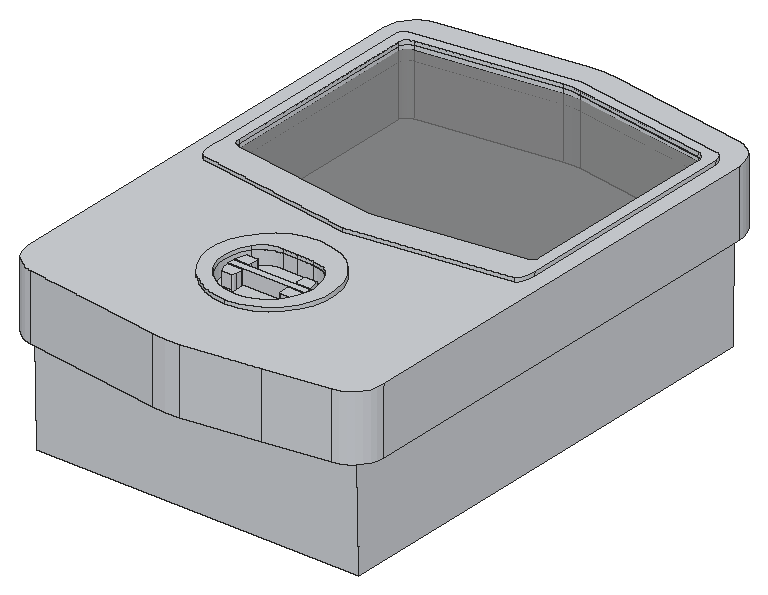
Revit family "Building-RicaricaVeicoliElettrici-GEWISS-JOINON-ICON_PREMIUM", category Apparecchi elettrici, host Superficie, Revit 2019
Family settings
  Host = Superficie
  Mantenere orientamento annotazione = Sì
  Quota connettore circolare = Usa diametro
  Tipo di parte = Normale
  Taglio con vuoti quando caricato = No
  Condiviso = No
  Punto di calcolo locali = Sì
Parameters (values of type "GWJ3303A - JOINON I-CON AUTOSTART BACKLIGHT DLM+BLE 11KW (NO INCASSO) T2")
  visibilita posizionamento 2d [instance] = yes
  simbolo acceso [instance] = yes
  oggetto in pianta [instance] = not(visibilita posizionamento 2d)  # no
  distanza_simbolo [instance] = 1 mm
  distanza dal piano [instance] = 10 mm
  W = 115 mm  # constant formula
  Voltaggio = 0 V
  Versione file RFA = "19.4"
  VETRO = Vetro
  URL = "https://www.gewiss.com/it/it"
  Trattamento esterno = "No"
  Tipologia Presa: = "Tipo 2 antivandalo con shutter"
  Tipo di protezione differenziale = "Attualmente non presente"
  Tipo di installazione e montaggio = "A parete o su supporto a pavimento"
  Tensione nominale di isolamento (Ui) = "400 Volt"
  Tensione nominale = "400 Volt"
  Temperatura di utilizzo = "-25 +50 °C"
  Spostamento_effettivo_S [instance] = 4000 mm - Spostamento_S  # 2500 mm
  Spostamento_S = 1500 mm
  Simbolo circuito [instance] = not(simbolo acceso)  # no
  Segnalazione BACKLIGHT = "Si"
  STRUTTURA ALTA = blue
  STRUTTURA = RAL - 7035
  Riarmo protezioni da remoto = "Attualmente non presente"
  Resistenza agli urti = "IK10"
  RFID = ""
  Protezioni = "DC Leak 6mA"
  Protezione magnetotermica = "Attualmente non presente"
  Default Elevation = 1219.2 mm
  Produttore = "GEWISS S.p.A."
  Potenza max = "11 Chilowatt"
  Potenza di ricarica = "11 kW"
  Potenza complessiva: = "11 Chilowatt"
  Personalizzabile: = "No"
  PRESA = Giallo
  POMELLO = bianco
  OUTPUT : = "-"
  Numero di prese (tipo) = "1 (Tipo 2, con shutter)"
  N.poli = 1
  N. Prese Tipo 2 = "1"
  Morsettiera: = "5 x 10 mm²"
  Modello = "GWJ3303A"
  Materiale = "Termoplastico (origine Post Industrial)"
  L = 155 mm  # constant formula
  Immagine tipo = ICON_PREMIUM.jpg
  INPUT: = "-"
  IDF = "161c395e-8a4c-4b7e-bdc5-224633db7e56"
  Human Interface = "LED RGB + Display con slide touch"
  Grado di protezione = "IP55"
  FORMULA = 1000 mm * 1  # 1000 mm
  Descrizione = "JOINON I-CON AUTOSTART BACKLIGHT DLM+BLE 11KW (NO INCASSO) T2"
  DC Leakage check = "Si"
  Creato da GEWISS S.p.A. = ""
  Corrente nominale: = "16 Ampere"
  Corrente erogata (max): = "16 Ampere"
  Contatore energia = ""
  Contatore di energia = "Attualmente non presente"
  ConnettivitÃ : = "BLE"
  Colore = "Grigio scuro"
  Codice Electrocod = "2242"
  Caratteristiche meccaniche = "-"
  COBie.Tagnumber = ""
  COBie.CreatedOn = ""
  COBie.CreatebBy = ""
  COBie.ComponentRegisterItemID = ""
  COBie.Component.TagNumber = ""
  COBie.Component.Space = ""
  COBie.Component.SerialNumber = ""
  COBie.Component.InstallationDate = ""
  COBie.Component.Description = ""
  COBie.Component.BarCode = ""
  BLOCCO = "B=C"
  Attivazione ricarica = "Accesso Libero, con gestione dinamica dei carichi"
Types (12, lengths in mm): name | Tensione nominale di isolamento (Ui) | Tensione nominale | Segnalazione BACKLIGHT | RFID | Potenza max | Potenza di ricarica | Potenza complessiva: | Numero di prese (tipo) | Morsettiera: | Modello | Descrizione | Corrente nominale: | Corrente erogata (max): | Contatore energia | Contatore di energia | ConnettivitÃ : | Attivazione ricarica
  GWJ3301A - JOINON I-CON AUTOSTART BACKLIGHT DLM+BLE 4,6KW (NO INCASSO) T2 | "230 Volt" | "230 Volt" | "Si" | "" | "4,6 Chilowatt" | "4,6 kW" | "4,6 Chilowatt" | "1 (Tipo 2, con shutter)" | "3 x 10 mm²" | "GWJ3301A" | "JOINON I-CON AUTOSTART BACKLIGHT DLM+BLE 4,6KW (NO INCASSO) T2" | "20 Ampere" | "20 Ampere" | "" | "Attualmente non presente" | "BLE" | "Accesso Libero, con gestione dinamica dei carichi"
  GWJ3302A - JOINON I-CON AUTOSTART BACKLIGHT DLM+BLE 7,4KW (NO INCASSO) T2 | "230 Volt" | "230 Volt" | "Si" | "" | "7,4 Chilowatt" | "7,4 kW" | "7,4 Chilowatt" | "1 (Tipo 2, con shutter)" | "3 x 10 mm²" | "GWJ3302A" | "JOINON I-CON AUTOSTART BACKLIGHT DLM+BLE 7,4KW (NO INCASSO) T2" | "32 Ampere" | "32 Ampere" | "" | "Attualmente non presente" | "BLE" | "Accesso Libero, con gestione dinamica dei carichi"
  GWJ3303A - JOINON I-CON AUTOSTART BACKLIGHT DLM+BLE 11KW (NO INCASSO) T2 | "400 Volt" | "400 Volt" | "Si" | "" | "11 Chilowatt" | "11 kW" | "11 Chilowatt" | "1 (Tipo 2, con shutter)" | "5 x 10 mm²" | "GWJ3303A" | "JOINON I-CON AUTOSTART BACKLIGHT DLM+BLE 11KW (NO INCASSO) T2" | "16 Ampere" | "16 Ampere" | "" | "Attualmente non presente" | "BLE" | "Accesso Libero, con gestione dinamica dei carichi"
  GWJ3201A - JOINON I-CON AUTOSTART DLM+BLE 4,6KW T2 | "230 Volt" | "230 Volt" | "" | "" | "4,6 Chilowatt" | "4,6 kW" | "4,6 Chilowatt" | "1 (Tipo 2, con shutter)" | "3 x 10 mm²" | "GWJ3201A" | "JOINON I-CON AUTOSTART DLM+BLE 4,6KW T2" | "20 Ampere" | "20 Ampere" | "" | "Attualmente non presente" | "BLE" | "Accesso Libero"
  GWJ3202A - JOINON I-CON AUTOSTART DLM+BLE 7,4KW T2 | "230 Volt" | "230 Volt" | "" | "" | "7,4 Chilowatt" | "7,4 kW" | "7,4 Chilowatt" | "1 (Tipo 2, con shutter)" | "3 x 10 mm²" | "GWJ3202A" | "JOINON I-CON AUTOSTART DLM+BLE 7,4KW T2" | "32 Ampere" | "32 Ampere" | "" | "Attualmente non presente" | "BLE" | "Accesso Libero"
  GWJ3203A - JOINON I-CON AUTOSTART DLM+BLE 11KW T2 | "400 Volt" | "400 Volt" | "" | "" | "11 Chilowatt" | "11 kW" | "11 Chilowatt" | "1 (Tipo 2, con shutter)" | "5 x 10 mm²" | "GWJ3203A" | "JOINON I-CON AUTOSTART DLM+BLE 11KW T2" | "16 Ampere" | "16 Ampere" | "" | "Attualmente non presente" | "BLE" | "Accesso Libero"
  GWJ3202R - JOINON I-CON RFID BLE 7,4KW MID T2 | "230 Volt" | "230 Volt" | "" | "Si" | "7,4 Chilowatt" | "7,4 kW" | "7,4 Chilowatt" | "1 (Tipo 2, anti-vandalo con shutter)" | "3 x 10 mm²" | "GWJ3202R" | "JOINON I-CON RFID BLE 7,4KW MID T2" | "32 Ampere" | "32 Ampere" | "SI (Tipo MID)" | "SI (Tipo MID)" | "No" | "Gestito localmente, via RFID"
  GWJ3204R - JOINON I-CON RFID BLE 22KW MID T2 | "400 Volt" | "400 Volt" | "" | "Si" | "22 Chilowatt" | "22 kW" | "22 Chilowatt" | "1 (Tipo 2, anti-vandalo con shutter)" | "5 x 10 mm²" | "GWJ3204R" | "JOINON I-CON RFID BLE 22KW MID T2" | "32 Ampere" | "32 Ampere" | "SI (Tipo MID)" | "SI (Tipo MID)" | "No" | "Gestito localmente, via RFID"
  GWJ3202L - JOINON I-CON CLOUD LAN BLE 7,4KW MID T2 | "230 Volt" | "230 Volt" | "" | "Si" | "7,4 Chilowatt" | "7,4 kW" | "7,4 Chilowatt" | "1 (Tipo 2, anti-vandalo con shutter)" | "3 x 10 mm²" | "GWJ3202L" | "JOINON I-CON CLOUD LAN BLE 7,4KW MID T2" | "32 Ampere" | "32 Ampere" | "SI (Tipo MID)" | "SI (Tipo MID)" | "LAN" | "Gestito da remoto, via OCPP 1.6J"
  GWJ3204L - JOINON I-CON CLOUD LAN BLE 22KW MID T2 | "400 Volt" | "400 Volt" | "" | "Si" | "22 Chilowatt" | "22 kW" | "22 Chilowatt" | "1 (Tipo 2, anti-vandalo con shutter)" | "5 x 10 mm²" | "GWJ3204L" | "JOINON I-CON CLOUD LAN BLE 22KW MID T2" | "32 Ampere" | "32 Ampere" | "SI (Tipo MID)" | "SI (Tipo MID)" | "LAN" | "Gestito da remoto, via OCPP 1.6J"
  GWJ3202W - JOINON I-CON CLOUD 4G LAN BLE 7,4KW MID T2 | "230 Volt" | "230 Volt" | "" | "Si" | "7,4 Chilowatt" | "7,4 kW" | "7,4 Chilowatt" | "1 (Tipo 2, anti-vandalo con shutter)" | "3 x 10 mm²" | "GWJ3202W" | "JOINON I-CON CLOUD 4G LAN BLE 7,4KW MID T2" | "32 Ampere" | "32 Ampere" | "SI (Tipo MID)" | "SI (Tipo MID)" | "LAN, 4G" | "Gestito da remoto, via OCPP 1.6J"
  GWJ3204W - JOINON I-CON CLOUD 4G LAN BLE 22KW MID T2 | "400 Volt" | "400 Volt" | "" | "Si" | "22 Chilowatt" | "22 kW" | "22 Chilowatt" | "1 (Tipo 2, anti-vandalo con shutter)" | "5 x 10 mm²" | "GWJ3204W" | "JOINON I-CON CLOUD 4G LAN BLE 22KW MID T2" | "32 Ampere" | "32 Ampere" | "SI (Tipo MID)" | "SI (Tipo MID)" | "LAN, 4G" | "Gestito da remoto, via OCPP 1.6J"
Reference planes
  plane 1 "Centro (Fronte/Retro)": y = 0
  plane 2: z = 0
  plane 3 "Centro (Sinistra/Destra)": x = 0
  plane 4: x = -3000
  plane 5: x = -500
  plane 6: z = 10
Dimensions and locks
  plane 4 to plane 3 "Centro (Sinistra/Destra)" = 3000 mm
  "Spostamento_effettivo_S": plane 4 to plane 5
  "distanza dal piano": plane 6 to plane 2
  aligned and locked: plane 2 to host face
  aligned and locked: level to host face
  aligned and locked: nested 2 to plane 5
Automatic sketch dimensions
  host sketch curve to host sketch curve = 2438.4 mm  (x2)
Nested families
  nested 1: "BASE_I-CON CON PRESA FISSA" at (0, 0, 0), type "BASE_I-CON CON PRESA FISSA"
  nested 2: "simb_ev_o3" at (-500, 214.941, 0), Distanza dal muro <- "distanza_simbolo", type "2P"
    with Distanza dal muro 1 mm
Connectors
  electrical at (0.281, 219.499, 0)
    settings: on nested 1, index 1, voltage 0 V, apparent load 0 VA, apparent load phase1 0 VA, apparent load phase2 0 VA, apparent load phase3 0 VA, power factor 1, load classification "Altro", number of poles 1, system type 31, power factor state 1, is connector primary yes, connector utility no, sub classification motor no, connector description ""
Definition of nested family "BASE_I-CON CON PRESA FISSA"
  Parameters (values of type "BASE_I-CON CON PRESA FISSA")
    POTENZA IN WOLT = 0 V
    N_POLI = 1
    CENTRALE = none
  Reference planes
    plane 1 "Centro (Fronte/Retro)": y = 0
    plane 2: z = 0
    plane 3 "Centro (Sinistra/Destra)": x = 0
    plane 4 "EEE": through (4267.2, -291.041, 143.375) normal (0, -0.788, -0.6157)
    plane 5: x = 48
    plane 6: x = -141.324
    plane 7: x = 141.324
    plane 8: x = -136.646
    plane 9: x = 136.646
    plane 10: x = -127.947
    plane 11: x = 128.509
    plane 12: z = 133.866
    plane 13: z = 125.731
    plane 14: z = 137
    plane 15: z = 140
    plane 16: y = 104.612
    plane 17: z = 84.731
  Forms (mm)
    Extrusion 1, solid, not visible
      sketch origin (0, 200.09, -256.103) x (0, 1, 0) y (0, 0, 1)
        loop
          line (-322.202, 218.222) -> (-266.481, 146.902) -> (-251.685, 146.876) -> (-251.685, 134.073) -> (-238.63, 134.073) -> (-238.63, 266.073) -> (-251.685, 266.073) -> (-251.685, 242.988) -> (-260.817, 242.988)
          arc (-260.817, 242.988) -> (-271.303, 241.907) -> (-281.357, 238.739) r 51.89
          line (-281.357, 238.739) -> (-239.989, 200.756)
          arc (-239.989, 200.756) -> (-243.657, 186.196) -> (-258.66, 185.608) r 12.53
          arc (-258.66, 185.608) -> (-277.82, 196.415) -> (-294.049, 211.266) r 96.883
          arc (-294.049, 211.266) -> (-301.135, 220.206) -> (-308.19, 229.17) r 3334.308
          line (-308.19, 229.17) -> (-322.202, 218.222)
      from 0 to 71
    Extrusion 2, solid, not visible
      sketch origin (0, 200.09, -256.103) x (0, 1, 0) y (0, 0, 1)
        loop
          arc (-313.71, 246.882) -> (-293.021, 210.103) -> (-258.66, 185.608) r 96.883
          arc (-258.66, 185.608) -> (-243.657, 186.196) -> (-239.989, 200.756) r 12.53
          line (-239.989, 200.756) -> (-280.857, 238.28)
          arc (-280.857, 238.28) -> (-296.734, 241.043) -> (-310.55, 249.339) r 43.984
          line (-310.55, 249.339) -> (-313.71, 246.882)
      from 0 to 71
    Extrusion 3, solid, not visible
      sketch origin (0, 200.09, -256.103) x (0, 1, 0) y (0, 0, 1)
        loop
          line (-322.202, 218.222) -> (-338.825, 205.235) -> (-290.465, 143.337)
          arc (-290.465, 143.337) -> (-278.287, 143.866) -> (-266.482, 146.903) r 58.569
          line (-266.482, 146.903) -> (-322.202, 218.222)
      from 0 to 71
    Extrusion 4, solid, not visible
      sketch origin (2.5, 142.247, -281.955) x (0, 0.615661, -0.788011) y (1, 0, 0)
        loop
          circle (-320.903, 33.712) r 30
      from 79.145 to 104.145
    Extrusion 5, solid, not visible
      sketch origin (0, 0, 0) x (0, 1, 0) y (0, 0, 1)
        loop
          line (-38.54, 9.97) -> (-38.54, -124.428) -> (-37.165, -124.428) -> (-37.165, 9.97) -> (-38.54, 9.97)
      from 0 to 71
    Extrusion 6, solid
      sketch origin (0, 0, 0) x (1, 0, 0) y (0, 1, 0)
        loop
          line (69.781, 10.962) -> (119.713, 17.98)
          arc (119.713, 17.98) -> (135.166, 26.37) -> (141.324, 42.84) r 25.105
          line (141.324, 42.84) -> (141.324, 396.518)
          arc (141.324, 396.518) -> (135.166, 412.988) -> (119.713, 421.378) r 25.105
          line (119.713, 421.378) -> (11.149, 436.636)
          arc (11.149, 436.636) -> (0.281, 437.396) -> (-10.588, 436.636) r 78.094
          line (-10.588, 436.636) -> (-119.713, 421.299)
          arc (-119.713, 421.299) -> (-135.166, 412.909) -> (-141.324, 396.439) r 25.105
          line (-141.324, 396.439) -> (-141.324, 42.919)
          arc (-141.324, 42.919) -> (-135.166, 26.449) -> (-119.713, 18.059) r 25.105
          line (-119.713, 18.059) -> (-10.857, 2.76)
          arc (-10.857, 2.76) -> (0.011, 1.992) -> (10.88, 2.744) r 78.094
          line (10.88, 2.744) -> (69.781, 10.962)
      from 84.731 to 137
    Extrusion 7, void
      sketch origin (0, 0, 0) x (1, 0, 0) y (0, 1, 0)
        loop
          line (-6.412, 405.303) -> (-112.823, 390.348)
          arc (-112.823, 390.348) -> (-117.747, 387.674) -> (-119.71, 382.426) r 8
          line (-119.71, 382.426) -> (-119.71, 224.237)
          arc (-119.71, 224.237) -> (-117.993, 219.644) -> (-113.684, 217.305) r 7
          line (-113.684, 217.305) -> (-6.599, 202.255)
          arc (-6.599, 202.255) -> (0.29, 201.773) -> (7.179, 202.255) r 49.5
          line (7.179, 202.255) -> (114.265, 217.305)
          arc (114.265, 217.305) -> (118.573, 219.644) -> (120.29, 224.237) r 7
          line (120.29, 224.237) -> (120.29, 382.426)
          arc (120.29, 382.426) -> (118.328, 387.674) -> (113.404, 390.348) r 8
          line (113.404, 390.348) -> (6.992, 405.303)
          arc (6.992, 405.303) -> (0.29, 405.772) -> (-6.412, 405.303) r 48.155
      from 84.731 to 137
    Extrusion 8, solid
      sketch origin (0, 0, 0) x (1, 0, 0) y (0, 1, 0)
        loop
          arc (-112.823, 390.348) -> (-117.747, 387.674) -> (-119.71, 382.426) r 8
          line (-119.71, 382.426) -> (-119.71, 224.237)
          arc (-119.71, 224.237) -> (-117.993, 219.644) -> (-113.684, 217.305) r 7
          line (-113.684, 217.305) -> (-6.599, 202.255)
          arc (-6.599, 202.255) -> (0.29, 201.773) -> (7.179, 202.255) r 49.5
          line (7.179, 202.255) -> (114.265, 217.305)
          arc (114.265, 217.305) -> (118.573, 219.644) -> (120.29, 224.237) r 7
          line (120.29, 224.237) -> (120.29, 382.426)
          arc (120.29, 382.426) -> (118.328, 387.674) -> (113.404, 390.348) r 8
          line (113.404, 390.348) -> (6.992, 405.303)
          arc (6.992, 405.303) -> (0.29, 405.772) -> (-6.412, 405.303) r 48.155
          line (-6.412, 405.303) -> (-112.823, 390.348)
      from 125.731 to 133.866
    Extrusion 9, solid
      sketch origin (0, 0, 0) x (1, 0, 0) y (0, 1, 0)
        loop
          line (-124.082, 195.284) -> (0.281, 177.806) -> (123.363, 195.104)
          spline (123.363, 195.104) -> (124.156, 195.312) -> (124.89, 195.698) -> (125.561, 196.261) -> (126.169, 196.998) -> (126.709, 197.908) -> (127.182, 198.987) -> (127.584, 200.231) -> (127.916, 201.637) -> (128.174, 203.199) -> (128.36, 204.912) -> (128.472, 206.77) -> (128.509, 208.768)
          line (128.509, 208.768) -> (128.509, 388.713)
          spline (128.509, 388.713) -> (128.452, 389.903) -> (128.28, 391.028) -> (127.995, 392.083) -> (127.598, 393.062) -> (127.091, 393.959) -> (126.477, 394.77) -> (125.76, 395.491) -> (124.942, 396.117) -> (124.028, 396.646) -> (123.023, 397.075) -> (121.933, 397.402) -> (120.762, 397.624)
          line (120.762, 397.624) -> (0.281, 414.557) -> (-120.2, 397.624)
          spline (-120.2, 397.624) -> (-121.371, 397.402) -> (-122.461, 397.075) -> (-123.466, 396.646) -> (-124.38, 396.117) -> (-125.198, 395.491) -> (-125.916, 394.77) -> (-126.53, 393.959) -> (-127.036, 393.062) -> (-127.433, 392.083) -> (-127.718, 391.028) -> (-127.89, 389.903) -> (-127.947, 388.713)
          line (-127.947, 388.713) -> (-127.947, 217.73)
          spline (-127.947, 217.73) -> (-128.249, 214.663) -> (-128.436, 211.771) -> (-128.508, 209.068) -> (-128.463, 206.57) -> (-128.303, 204.29) -> (-128.027, 202.24) -> (-127.638, 200.43) -> (-127.137, 198.871) -> (-126.528, 197.57) -> (-125.813, 196.536) -> (-124.996, 195.772) -> (-124.082, 195.284)
        loop
          line (-6.412, 405.303) -> (-112.823, 390.348)
          arc (-112.823, 390.348) -> (-117.747, 387.674) -> (-119.71, 382.426) r 8
          line (-119.71, 382.426) -> (-119.71, 224.237)
          arc (-119.71, 224.237) -> (-117.993, 219.644) -> (-113.684, 217.305) r 7
          line (-113.684, 217.305) -> (-6.599, 202.255)
          arc (-6.599, 202.255) -> (0.29, 201.773) -> (7.179, 202.255) r 49.5
          line (7.179, 202.255) -> (114.265, 217.305)
          arc (114.265, 217.305) -> (118.573, 219.644) -> (120.29, 224.237) r 7
          line (120.29, 224.237) -> (120.29, 382.426)
          arc (120.29, 382.426) -> (118.328, 387.674) -> (113.404, 390.348) r 8
          line (113.404, 390.348) -> (6.992, 405.303)
          arc (6.992, 405.303) -> (0.29, 405.772) -> (-6.412, 405.303) r 48.155
      from 137 to 140
    Extrusion 10, solid
      sketch origin (0, 0, 0) x (1, 0, 0) y (0, 1, 0)
        loop
          arc (0, 155.675) -> (-47.265, 108.175) -> (0, 60.676) r 47.5
          arc (0, 60.676) -> (47.265, 108.175) -> (0, 155.675) r 47.5
        loop
          arc (-11.893, 133.359) -> (-22.012, 131.13) -> (-29.648, 124.126) r 19.952
          arc (-29.648, 124.126) -> (-35.161, 105.168) -> (-29.648, 86.209) r 35.357
          arc (-29.648, 86.209) -> (-16.916, 74.227) -> (0, 69.811) r 35.357
          arc (0, 69.811) -> (16.916, 74.227) -> (29.648, 86.209) r 35.357
          arc (29.648, 86.209) -> (35.161, 105.168) -> (29.648, 124.126) r 35.357
          arc (29.648, 124.126) -> (22.012, 131.13) -> (11.893, 133.359) r 19.952
          line (11.893, 133.359) -> (0.235, 133.359) -> (-11.893, 133.359)
      from 137 to 140
    Extrusion 11, void
      sketch origin (0, 0, 0) x (1, 0, 0) y (0, 1, 0)
        loop
          arc (-11.893, 133.359) -> (-22.012, 131.13) -> (-29.648, 124.126) r 19.952
          arc (-29.648, 124.126) -> (-35.161, 105.168) -> (-29.648, 86.209) r 35.357
          arc (-29.648, 86.209) -> (-16.916, 74.227) -> (0, 69.811) r 35.357
          arc (0, 69.811) -> (16.916, 74.227) -> (29.648, 86.209) r 35.357
          arc (29.648, 86.209) -> (35.161, 105.168) -> (29.648, 124.126) r 35.357
          arc (29.648, 124.126) -> (22.012, 131.13) -> (11.893, 133.359) r 19.952
          line (11.893, 133.359) -> (0.235, 133.359) -> (-11.893, 133.359)
      from 125.731 to 137
    Extrusion 12, solid
      sketch origin (0, 0, 0) x (1, 0, 0) y (0, 1, 0)
        loop
          arc (-30.461, 107.982) -> (-30.598, 105.075) -> (-30.461, 102.169) r 30.831
          line (-30.461, 102.169) -> (30.927, 102.169)
          arc (30.927, 102.169) -> (31.064, 105.075) -> (30.927, 107.982) r 30.831
          line (30.927, 107.982) -> (-30.461, 107.982)
        loop
          arc (-27.744, 117.848) -> (-29.421, 113.231) -> (-30.341, 108.406) r 30.755
          line (-30.341, 108.406) -> (-19.76, 108.406)
          arc (-19.76, 108.406) -> (-18.652, 108.865) -> (-18.193, 109.973) r 1.567
          line (-18.193, 109.973) -> (-18.193, 115.844)
          arc (-18.193, 115.844) -> (-18.488, 117.228) -> (-19.76, 117.848) r 1.615
          line (-19.76, 117.848) -> (-27.744, 117.848)
        loop
          line (-27.744, 92.303) -> (-19.76, 92.303)
          arc (-19.76, 92.303) -> (-18.488, 92.923) -> (-18.193, 94.307) r 1.615
          line (-18.193, 94.307) -> (-18.193, 100.178)
          arc (-18.193, 100.178) -> (-18.652, 101.286) -> (-19.76, 101.745) r 1.567
          line (-19.76, 101.745) -> (-30.341, 101.745)
          arc (-30.341, 101.745) -> (-29.421, 96.92) -> (-27.744, 92.303) r 30.755
        loop
          line (27.744, 117.848) -> (19.76, 117.848)
          arc (19.76, 117.848) -> (18.488, 117.228) -> (18.193, 115.844) r 1.615
          line (18.193, 115.844) -> (18.193, 109.973)
          arc (18.193, 109.973) -> (18.652, 108.865) -> (19.76, 108.406) r 1.567
          line (19.76, 108.406) -> (30.341, 108.406)
          arc (30.341, 108.406) -> (29.421, 113.231) -> (27.744, 117.848) r 30.755
        loop
          arc (27.744, 92.303) -> (29.421, 96.92) -> (30.341, 101.745) r 30.755
          line (30.341, 101.745) -> (19.76, 101.745)
          arc (19.76, 101.745) -> (18.652, 101.286) -> (18.193, 100.178) r 1.567
          line (18.193, 100.178) -> (18.193, 94.307)
          arc (18.193, 94.307) -> (18.488, 92.923) -> (19.76, 92.303) r 1.615
          line (19.76, 92.303) -> (27.744, 92.303)
      from 125.731 to 137
    Extrusion 13, solid
      sketch origin (0, 0, 0) x (0, 1, 0) y (0, 0, 1)
        loop
          line (33.569, 0) -> (405.428, 0) -> (406.907, 84.731) -> (32.09, 84.731) -> (33.569, 0)
      from -127.947 to 128.509
  Cuts and joins
    Extrusion 7, Extrusion 11 cuts Extrusion 6
    Extrusion 11 cuts Extrusion 10
  Dimensions and locks
    locked: plane 6 to plane 8 at 4.678
    locked: plane 9 to plane 7 at 4.678
    equal spacing: plane 6, plane 3 "Centro (Sinistra/Destra)", plane 7
    locked: plane 8 to plane 10 at 8.699
    locked: plane 11 to plane 9 at 8.137
    locked: plane 12 to plane 13 at 8.135
    locked: plane 14 to plane 12 at 3.134
    locked: plane 15 to plane 14 at 3
    locked: plane 17 to plane 13 at 41
    plane 15 to level = 140 mm
    aligned and locked: level to plane 2
    aligned and locked: Extrusion 4 to Extrusion 3
    aligned and locked: plane 6 to Extrusion 6 sketch curve
    aligned and locked: Extrusion 6 sketch curve to plane 7
    aligned and locked: Extrusion 6 to Extrusion 7  (x2)
    aligned and locked: cut or joined group of Extrusion 6, Extrusion 7, Extrusion 11 to plane 14
    aligned and locked: plane 14 to Extrusion 9
    aligned and locked: Extrusion 9 to plane 15
    aligned and locked: plane 17 to cut or joined group of Extrusion 6, Extrusion 7, Extrusion 11
    aligned and locked: Extrusion 8 to plane 13
    aligned and locked: plane 12 to Extrusion 8
    aligned and locked: plane 14 to Extrusion 10
    aligned and locked: Extrusion 10 to plane 15
    aligned and locked: Extrusion 6 to Extrusion 11
    aligned and locked: Extrusion 11 to Extrusion 8
    aligned and locked: Extrusion 12 to plane 14
    aligned and locked: Extrusion 12 to plane 13
    aligned and locked: Extrusion 13 sketch curve to level
    aligned and locked: plane 10 to Extrusion 13
    aligned and locked: Extrusion 13 to plane 11
  Automatic sketch dimensions
    Extrusion 6 sketch curve to plane 8 = 16.933 mm  (x2)
    Extrusion 6 sketch curve to plane 8 = 20.427 mm  (x2)
    Extrusion 6 sketch curve to plane 1 "Centro (Fronte/Retro)" = 2.76 mm
    Extrusion 6 sketch curve to plane 3 "Centro (Sinistra/Destra)" = 10.857 mm
    Extrusion 6 sketch curve to plane 3 "Centro (Sinistra/Destra)" = 10.588 mm
    plane 3 "Centro (Sinistra/Destra)" to Extrusion 6 sketch curve = 0.067 mm
    plane 3 "Centro (Sinistra/Destra)" to Extrusion 6 sketch curve = 0.281 mm
    Extrusion 6 sketch curve to plane 1 "Centro (Fronte/Retro)" = 2.744 mm
    plane 3 "Centro (Sinistra/Destra)" to Extrusion 6 sketch curve = 10.88 mm
    plane 3 "Centro (Sinistra/Destra)" to Extrusion 6 sketch curve = 11.149 mm
    plane 9 to Extrusion 6 sketch curve = 20.427 mm  (x2)
    plane 9 to Extrusion 6 sketch curve = 16.933 mm  (x2)
    Extrusion 6 sketch curve to plane 1 "Centro (Fronte/Retro)" = 17.98 mm
    Extrusion 6 sketch curve to plane 1 "Centro (Fronte/Retro)" = 18.059 mm
    Extrusion 6 sketch curve to Extrusion 6 sketch curve = 279.216 mm
    Extrusion 6 sketch curve to Extrusion 6 sketch curve = 37.137 mm
    Extrusion 6 sketch curve to Extrusion 6 sketch curve = 37.216 mm
    Extrusion 6 sketch curve to Extrusion 6 sketch curve = 77.334 mm
    Extrusion 6 sketch curve to plane 5 = 21.781 mm
    Extrusion 6 sketch curve to plane 1 "Centro (Fronte/Retro)" = 10.962 mm
    Extrusion 7 sketch curve to plane 10 = 8.237 mm
    Extrusion 7 sketch curve to Extrusion 7 sketch curve = 6.026 mm
    Extrusion 7 sketch curve to Extrusion 7 sketch curve = 6.887 mm
    Extrusion 7 sketch curve to Extrusion 7 sketch curve = 7 mm
    Extrusion 7 sketch curve to Extrusion 7 sketch curve = 1.113 mm  (x2)
    Extrusion 7 sketch curve to plane 3 "Centro (Sinistra/Destra)" = 6.599 mm
    Extrusion 7 sketch curve to plane 3 "Centro (Sinistra/Destra)" = 6.412 mm
    plane 3 "Centro (Sinistra/Destra)" to Extrusion 7 sketch curve = 0.29 mm  (x2)
    plane 3 "Centro (Sinistra/Destra)" to Extrusion 7 sketch curve = 6.992 mm
    plane 3 "Centro (Sinistra/Destra)" to Extrusion 7 sketch curve = 7.179 mm
    plane 11 to Extrusion 7 sketch curve = 16.218 mm
    plane 11 to Extrusion 7 sketch curve = 15.218 mm
    Extrusion 7 sketch curve to Extrusion 7 sketch curve = 0.974 mm
    Extrusion 7 sketch curve to Extrusion 7 sketch curve = 8 mm
    Extrusion 7 sketch curve to plane 1 "Centro (Fronte/Retro)" = 202.255 mm
    Extrusion 7 sketch curve to Extrusion 7 sketch curve = 15.05 mm  (x2)
    Extrusion 7 sketch curve to Extrusion 7 sketch curve = 49.018 mm
    Extrusion 7 sketch curve to Extrusion 7 sketch curve = 106.344 mm
    Extrusion 7 sketch curve to Extrusion 7 sketch curve = 24.809 mm  (x2)
    Extrusion 7 sketch curve to Extrusion 7 sketch curve = 47.686 mm
    Extrusion 8 sketch curve to plane 10 = 8.237 mm
    Extrusion 8 sketch curve to Extrusion 8 sketch curve = 6.026 mm
    Extrusion 8 sketch curve to Extrusion 8 sketch curve = 6.887 mm
    Extrusion 8 sketch curve to Extrusion 8 sketch curve = 0.974 mm  (x2)
    Extrusion 8 sketch curve to Extrusion 8 sketch curve = 1.113 mm  (x2)
    Extrusion 8 sketch curve to plane 3 "Centro (Sinistra/Destra)" = 6.599 mm
    Extrusion 8 sketch curve to plane 3 "Centro (Sinistra/Destra)" = 6.412 mm
    plane 3 "Centro (Sinistra/Destra)" to Extrusion 8 sketch curve = 0.29 mm  (x2)
    plane 3 "Centro (Sinistra/Destra)" to Extrusion 8 sketch curve = 6.992 mm
    plane 3 "Centro (Sinistra/Destra)" to Extrusion 8 sketch curve = 7.179 mm
    plane 11 to Extrusion 8 sketch curve = 16.218 mm
    plane 11 to Extrusion 8 sketch curve = 15.218 mm
    Extrusion 8 sketch curve to Extrusion 8 sketch curve = 8 mm
    Extrusion 8 sketch curve to plane 1 "Centro (Fronte/Retro)" = 202.255 mm
    Extrusion 8 sketch curve to Extrusion 8 sketch curve = 15.05 mm  (x2)
    Extrusion 8 sketch curve to Extrusion 8 sketch curve = 49.018 mm
    Extrusion 8 sketch curve to Extrusion 8 sketch curve = 106.344 mm
    Extrusion 8 sketch curve to Extrusion 8 sketch curve = 24.809 mm  (x2)
    Extrusion 8 sketch curve to Extrusion 8 sketch curve = 47.686 mm
    Extrusion 9 sketch curve to plane 10 = 0 mm
    Extrusion 9 sketch curve to plane 10 = 3.866 mm
    Extrusion 9 sketch curve to plane 10 = 7.747 mm
    Extrusion 9 sketch curve to plane 10 = 8.237 mm
    Extrusion 9 sketch curve to Extrusion 9 sketch curve = 6.026 mm
    Extrusion 9 sketch curve to Extrusion 9 sketch curve = 7.377 mm
    Extrusion 9 sketch curve to Extrusion 9 sketch curve = 7 mm
    Extrusion 9 sketch curve to Extrusion 9 sketch curve = 1.113 mm  (x2)
    Extrusion 9 sketch curve to plane 3 "Centro (Sinistra/Destra)" = 6.599 mm
    Extrusion 9 sketch curve to plane 3 "Centro (Sinistra/Destra)" = 6.412 mm
    plane 3 "Centro (Sinistra/Destra)" to Extrusion 9 sketch curve = 0.281 mm  (x2)
    plane 3 "Centro (Sinistra/Destra)" to Extrusion 9 sketch curve = 0.29 mm  (x2)
    plane 3 "Centro (Sinistra/Destra)" to Extrusion 9 sketch curve = 6.992 mm
    plane 3 "Centro (Sinistra/Destra)" to Extrusion 9 sketch curve = 7.179 mm
    plane 11 to Extrusion 9 sketch curve = 16.218 mm
    plane 11 to Extrusion 9 sketch curve = 15.218 mm
    Extrusion 9 sketch curve to Extrusion 9 sketch curve = 0.974 mm
    Extrusion 9 sketch curve to Extrusion 9 sketch curve = 8 mm
    plane 11 to Extrusion 9 sketch curve = 7.747 mm
    plane 11 to Extrusion 9 sketch curve = 5.146 mm
    Extrusion 9 sketch curve to plane 11 = 0 mm
    Extrusion 9 sketch curve to plane 1 "Centro (Fronte/Retro)" = 177.806 mm
    Extrusion 9 sketch curve to Extrusion 9 sketch curve = 17.298 mm
    Extrusion 9 sketch curve to Extrusion 9 sketch curve = 17.478 mm
    Extrusion 9 sketch curve to Extrusion 9 sketch curve = 24.449 mm
    Extrusion 9 sketch curve to Extrusion 9 sketch curve = 13.664 mm
    Extrusion 9 sketch curve to Extrusion 9 sketch curve = 22.021 mm
    Extrusion 9 sketch curve to Extrusion 9 sketch curve = 8.537 mm
    Extrusion 9 sketch curve to Extrusion 9 sketch curve = 6.507 mm
    Extrusion 9 sketch curve to Extrusion 9 sketch curve = 49.018 mm
    Extrusion 9 sketch curve to Extrusion 9 sketch curve = 106.344 mm
    Extrusion 9 sketch curve to Extrusion 9 sketch curve = 24.809 mm  (x2)
    Extrusion 9 sketch curve to Extrusion 9 sketch curve = 6.287 mm  (x2)
    Extrusion 9 sketch curve to Extrusion 9 sketch curve = 7.276 mm  (x2)
    Extrusion 9 sketch curve to Extrusion 9 sketch curve = 47.686 mm
    Extrusion 9 sketch curve to Extrusion 9 sketch curve = 9.254 mm
    Extrusion 9 sketch curve to Extrusion 9 sketch curve = 0.098 mm
    Extrusion 9 sketch curve to plane 10 = 21.226 mm
    Extrusion 9 sketch curve to Extrusion 9 sketch curve = 5.546 mm
    Extrusion 9 sketch curve to Extrusion 9 sketch curve = 19.752 mm
    plane 11 to Extrusion 9 sketch curve = 21.787 mm
    Extrusion 9 sketch curve to Extrusion 9 sketch curve = 5.564 mm
    Extrusion 9 sketch curve to Extrusion 9 sketch curve = 0.621 mm
    plane 11 to Extrusion 9 sketch curve = 2.031 mm
    Extrusion 10 sketch curve to Extrusion 10 sketch curve = 0 mm  (x6)
    Extrusion 10 sketch curve to plane 3 "Centro (Sinistra/Destra)" = 0 mm  (x3)
    Extrusion 10 sketch curve to plane 3 "Centro (Sinistra/Destra)" = 0.196 mm
    Extrusion 10 sketch curve to plane 3 "Centro (Sinistra/Destra)" = 0.235 mm
    Extrusion 10 sketch curve to plane 3 "Centro (Sinistra/Destra)" = 11.893 mm
    Extrusion 10 sketch curve to plane 16 = 8.817 mm  (x2)
    Extrusion 10 sketch curve to plane 3 "Centro (Sinistra/Destra)" = 12.808 mm
    plane 3 "Centro (Sinistra/Destra)" to Extrusion 10 sketch curve = 0.196 mm
    plane 3 "Centro (Sinistra/Destra)" to Extrusion 10 sketch curve = 0.235 mm  (x2)
    Extrusion 10 sketch curve to Extrusion 10 sketch curve = 11.658 mm
    plane 3 "Centro (Sinistra/Destra)" to Extrusion 10 sketch curve = 12.808 mm
    Extrusion 10 sketch curve to plane 16 = 3.564 mm
    Extrusion 10 sketch curve to plane 16 = 0.556 mm
    Extrusion 10 sketch curve to Extrusion 10 sketch curve = 19.931 mm
    Extrusion 10 sketch curve to plane 3 "Centro (Sinistra/Destra)" = 29.648 mm
    plane 5 to Extrusion 10 sketch curve = 18.352 mm
    Extrusion 10 sketch curve to Extrusion 10 sketch curve = 9.135 mm
    Extrusion 11 sketch curve to Extrusion 11 sketch curve = 0 mm  (x6)
    Extrusion 11 sketch curve to plane 3 "Centro (Sinistra/Destra)" = 0 mm
    Extrusion 11 sketch curve to plane 3 "Centro (Sinistra/Destra)" = 0.196 mm
    Extrusion 11 sketch curve to plane 3 "Centro (Sinistra/Destra)" = 11.893 mm
    Extrusion 11 sketch curve to plane 3 "Centro (Sinistra/Destra)" = 12.808 mm
    plane 3 "Centro (Sinistra/Destra)" to Extrusion 11 sketch curve = 0.196 mm
    plane 3 "Centro (Sinistra/Destra)" to Extrusion 11 sketch curve = 0.235 mm
    Extrusion 11 sketch curve to Extrusion 11 sketch curve = 11.658 mm
    Extrusion 11 sketch curve to plane 16 = 8.817 mm  (x2)
    plane 3 "Centro (Sinistra/Destra)" to Extrusion 11 sketch curve = 12.808 mm
    Extrusion 11 sketch curve to plane 16 = 0.556 mm
    Extrusion 11 sketch curve to Extrusion 11 sketch curve = 19.931 mm
    Extrusion 11 sketch curve to plane 3 "Centro (Sinistra/Destra)" = 29.648 mm
    plane 5 to Extrusion 11 sketch curve = 18.352 mm
    Extrusion 12 sketch curve to Extrusion 12 sketch curve = 0 mm  (x12)
    Extrusion 12 sketch curve to plane 16 = 3.371 mm
    Extrusion 12 sketch curve to plane 3 "Centro (Sinistra/Destra)" = 30.461 mm
    plane 16 to Extrusion 12 sketch curve = 2.443 mm
    Extrusion 12 sketch curve to Extrusion 12 sketch curve = 0.12 mm  (x2)
    Extrusion 12 sketch curve to Extrusion 12 sketch curve = 2.597 mm  (x3)
    Extrusion 12 sketch curve to Extrusion 12 sketch curve = 7.984 mm  (x3)
    plane 16 to Extrusion 12 sketch curve = 4.434 mm  (x2)
    Extrusion 12 sketch curve to Extrusion 12 sketch curve = 10.581 mm
    Extrusion 12 sketch curve to Extrusion 12 sketch curve = 1.567 mm  (x6)
    Extrusion 12 sketch curve to plane 3 "Centro (Sinistra/Destra)" = 0.233 mm
    plane 3 "Centro (Sinistra/Destra)" to Extrusion 12 sketch curve = 0.233 mm
    plane 3 "Centro (Sinistra/Destra)" to Extrusion 12 sketch curve = 18.193 mm
    Extrusion 12 sketch curve to plane 16 = 11.232 mm
    Extrusion 12 sketch curve to plane 16 = 3.794 mm  (x2)
    Extrusion 12 sketch curve to Extrusion 12 sketch curve = 0.586 mm
    Extrusion 12 sketch curve to Extrusion 12 sketch curve = 5.871 mm  (x2)
    Extrusion 12 sketch curve to Extrusion 12 sketch curve = 0.389 mm  (x2)
    Extrusion 12 sketch curve to Extrusion 12 sketch curve = 2.004 mm
    plane 17 to Extrusion 13 sketch curve = 0 mm
    Extrusion 13 sketch curve to plane 1 "Centro (Fronte/Retro)" = 32.09 mm
    Extrusion 13 sketch curve to plane 1 "Centro (Fronte/Retro)" = 33.569 mm
    Extrusion 13 sketch curve to plane 16 = 300.816 mm
    Extrusion 13 sketch curve to Extrusion 13 sketch curve = 1.479 mm
Definition of nested family "simb_ev_o3"
  Parameters (values of type "EV")
    Distanza dal muro [instance] = 0 mm
  Types (3, lengths in mm): name | Distanza dal muro
    EV | 0
    3P | 3.301
    2P | 0
  Reference planes
    plane 1: y = 0
    plane 2: x = 0
  Dimensions and locks
    "Distanza dal muro": plane 1 to nested 1
    aligned and locked: plane 2 to nested 1
  Nested families
    nested 1: "SImb_EV_o3_base" at (0, 0, 0), type "3P"
      with CORNICE SIMBOLO yes
  Definition of nested family "SImb_EV_o3_base"
    Parameters (values of type "3P")
      testo = ""
      CORNICE SIMBOLO [instance] = yes
      3P = yes
    Types (2, lengths in mm): name | 3P
      3P | yes
      2P | no
    Reference planes
      plane 1: y = 0
      plane 2: x = 0
    Lines and regions (mm)
      detail lines
        curve 1: line (0.645, 0.045, 0) -> (-0.732, 0.045, 0)
        curve 2: line (0.645, 0.045, 0) -> (0.645, 2.795, 0)
        curve 3: line (0.645, 2.795, 0) -> (0.968, 2.795, 0)
        curve 4: line (0.968, 2.795, 0) -> (0.968, 3.204, 0)
        curve 5: line (0.968, 3.204, 0) -> (-1.499, 3.204, 0)
        curve 6: line (-1.499, 3.204, 0) -> (-1.499, 2.795, 0)
        curve 7: line (-1.499, 2.795, 0) -> (-0.732, 2.795, 0)
        curve 8: line (-0.732, 2.795, 0) -> (-0.732, 0.045, 0)
        curve 9: line (-0.732, 1.043, 0) -> (-0.996, 1.043, 0)
        curve 10: line (-0.996, 1.043, 0) -> (-0.996, 2.529, 0)
        curve 11: line (-1.247, 2.529, 0) -> (-1.247, 0.882, 0)
        curve 12: line (-1.247, 0.882, 0) -> (-0.996, 0.582, 0)
        curve 13: line (-0.996, 0.582, 0) -> (-0.996, 0.279, 0)
        curve 14: line (-0.996, 0.279, 0) -> (-1.446, 0.279, 0)
        curve 15: line (-1.446, 0.279, 0) -> (-1.446, 0.624, 0)
        curve 16: line (-1.446, 0.624, 0) -> (-1.247, 0.882, 0)
        curve 17: line (-1.119, 0.279, 0) -> (-1.119, -0.005, 0)
        curve 18: line (-1.361, 0.279, 0) -> (-1.361, -0.005, 0)
        curve 19: line (0.435, 0.206, 0) -> (-0.53, 0.206, 0)
        curve 20: line (0.435, 0.923, 0) -> (0.435, 0.206, 0)
        curve 21: line (-0.53, 0.923, 0) -> (0.435, 0.923, 0)
        curve 22: line (-0.53, 0.206, 0) -> (-0.53, 0.923, 0)
        curve 23: line (-0.996, 2.529, 0) -> (-1.247, 2.529, 0)
    Text (mm)
      text "EV" at (-0.114, 2.712, 0)
